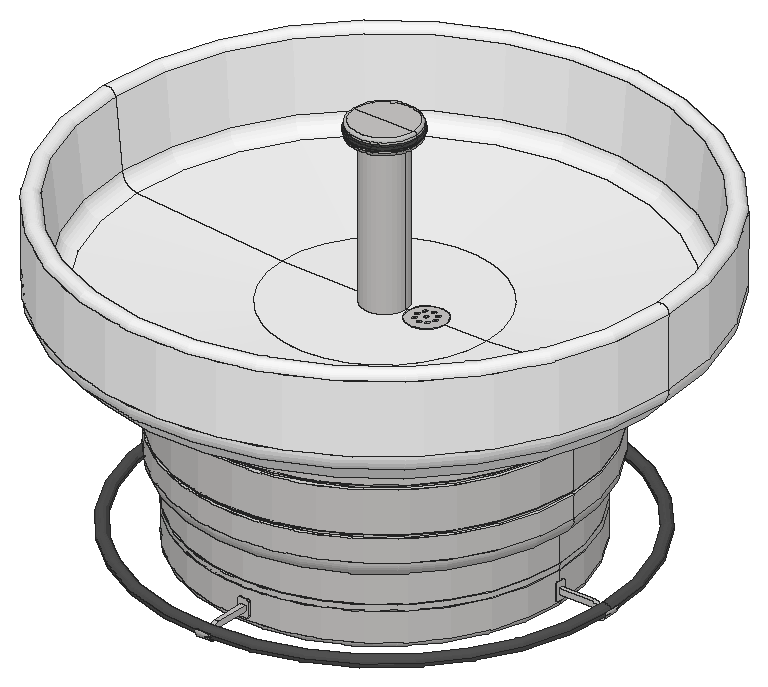
Revit family "Washfountain_Lavatory-Bradley_Corp-WF2608-Type_H_Drain", category Plumbing Fixtures, Revit 2012
Parameters (values of type "Standard")
  Width = 54.000"
  Warranty Information = ""
  WFU = 0
  Voltage = 110 V
  Version = "2.0"
  Vent Radius = Vent / 2  # 3/4"
  Vent = 1 1/2"
  URL = "http://www.bradleycorp.com/"
  Towel Dispenser Holder [instance] = if((Soap Dispenser), 8.375", 16.875")  # 16.875"
  Towel Dispenser Height [instance] = if(and(Soap Dispenser, Sensor Module, Model ID = 2), 56.000", if(and(No Soap Dispenser, Sensor Module, Model ID = 2), 56.000", if(and(Soap Dispenser, No Sensor Module, Model ID = 2), 52.500", if(and(No Soap Dispenser, No Sensor Module, Model ID = 2), 52.500", if(and(Soap Dispenser, Sensor Module, Model ID = 1), 52.000", if(and(No Soap Dispenser, Sensor Module, Model ID = 1), 52.000", if(and(Soap Dispenser, No Sensor Module, Model ID = 1), 48.500", 48.500")))))))  # 52.500"
  TouchTime® Control [instance] = no
  Technical Data = ""
  Vent Height [instance] = if(and(Sensor Module, Soap Dispenser, Towel Dispenser, Model ID = 2), 72.313", if(and(Sensor Module, Soap Dispenser, No Towel Dispenser, Model ID = 2), 47.625", if(and(Sensor Module, No Soap Dispenser, No Towel Dispenser, Model ID = 2), 39.125", if(and(Sensor Module, No Soap Dispenser, Towel Dispenser, Model ID = 2), 72.313", if(and(No Sensor Module, No Soap Dispenser, No Towel Dispenser, Model ID = 2), 35.625", if(and(No Sensor Module, No Soap Dispenser, Towel Dispenser, Model ID = 2), 68.813", if(and(No Sensor Module, Soap Dispenser, No Towel Dispenser, Model ID = 2), 44.125", if(and(No Sensor Module, Soap Dispenser, Towel Dispenser, Model ID = 2), 68.813", if(and(Sensor Module, Soap Dispenser, Towel Dispenser, Model ID = 1), 68.313", if(and(Sensor Module, Soap Dispenser, No Towel Dispenser, Model ID = 1), 43.625", if(and(Sensor Module, No Soap Dispenser, No Towel Dispenser, Model ID = 1), 35.125", if(and(Sensor Module, No Soap Dispenser, Towel Dispenser, Model ID = 1), 68.313", if(and(No Sensor Module, No Soap Dispenser, No Towel Dispenser, Model ID = 1), 31.625", if(and(No Sensor Module, No Soap Dispenser, Towel Dispenser, Model ID = 1), 64.813", if(and(No Sensor Module, Soap Dispenser, No Towel Dispenser, Model ID = 1), 40.125", 64.813")))))))))))))))  # 35.625"
  Standard Height = Model ID = 2  # yes
  Spray Head Height = 35.625"
  Specifications URL = "http://www.bradleycorp.com/3partspec"
  Soap Dispenser Holder [instance] = 2.500"  # constant formula
  Soap Dispenser Height [instance] = if(and(No Sensor Module, Model ID = 2), 44.125", if(and(Sensor Module, Model ID = 2), 47.625", if(and(No Sensor Module, Model ID = 1), 40.125", 43.625")))  # 44.125"
  Sensor Module Height = 39.125"
  Sensor Module [instance] = or(not(Foot Control Valve), TouchTime® Control, Air Valve Hand Control, Adaptive Infrared Activation Control)  # no
  Rim Height = 29.250"
  Product Tech Data URL - Spanish = ""
  Product Tech Data URL - French = ""
  Product Tech Data URL - English = "http://bradleycorp.com/download/1843/2019.pdf"
  Pedestal Material = Metal - Bradley Corp - Stainless Steel - Satin
  Pedestal Height = 19.000"
  Operating Water Pressure Range = "20 - 80 PSI"
  OmniClass Table 23 Title = "Sinks/Lavatories"
  OmniClass Table 23 Number = "23-31 13 00"
  OmniClass Table 21 Title = "Plumbing Fixtures"
  OmniClass Table 21 Number = "21-04 20 10 60"
  No Towel Dispenser [instance] = not(Towel Dispenser)  # yes
  No Soap Dispenser [instance] = not(Soap Dispenser)  # yes
  No Sensor Module [instance] = not(Sensor Module)  # yes
  Modeling Code = ""
  Model ID = 2
  Model = "WF2608"
  Material Note = "Other Terrazzo colors available - See www.bradleycorp.com "
  MasterFormat Title = "Commercial Lavatories and Sinks"
  MasterFormat Number = "22 42 16"
  Manufacturer = "Bradley Corp"
  Juvenile Height = Model ID = 1  # no
  Industry Standards = "ANSI Z124.3, Z124.6 and ANSI/ICPA SS-1-2001"
  Hot Lavatory Inlet Radius = Hot Lavatory Inlet / 2  # 1/2"
  Hot Lavatory Inlet = 1"
  HWFU = 0
  Frequency = 50 Hz
  Foot Control Valve [instance] = not(or(TouchTime® Control, Air Valve Hand Control, Adaptive Infrared Activation Control))  # yes
  Flow Rate = 5.0 GPM
  Fire Rating = "n/a"
  Drain Radius = Drain / 2  # 1"
  Drain = 2"
  Description = "Washfountain, 54\" Circular with 9\" Deep Bowl"
  Copyright = "This Model Data is Property of Bradley Corporation"
  Cold Lavatory Inlet Radius = Cold Lavatory Inlet / 2  # 1/2"
  Cold Lavatory Inlet = 1"
  CWFU = 0
  Buy American Act = "No"
  Button Visibility [instance] = or(TouchTime® Control, Air Valve Hand Control)  # no
  Bowl Material [instance] = Stone - Bradley Corp - White Marmorite
  Assembly Code = "D2010300"
  Air Valve Hand Control [instance] = no
  Adaptive Infrared Activation Control [instance] = no
  ADA Compliant = "Yes"
  Soap Dispenser [instance] = no
  Towel Dispenser [instance] = no
Reference planes (in)
  plane 1 "Center (Front/Back)": y = 0
  plane 2: z = 0
  plane 3 "Center (Left/Right)": x = 0
  plane 4 "Left": x = -27
  plane 5 "Right": x = 27
  plane 6 "Front": y = -27
  plane 7 "Back": y = 27
  plane 8 "Towel Dispenser": z = 52.5
  plane 9 "Soap Dispenser": z = 44.125
  plane 10 "Sensor Module": z = 39.125
  plane 11 "Spray Head": z = 35.625
  plane 12 "Rim Height": z = 29.25
  plane 13 "Pedestal Height": z = 19
  plane 14: z = 38.125
Forms (in)
  Revolve 1, solid, material "Stone - Bradley Corp - White Marmorite" <- "Bowl Material", detail levels medium+fine
    sketch origin (-3, 0, 29.25) x (1, 0, 0) y (0, 0, 1)
      loop
        line (-24, -0.75) -> (-24, -7.10922)
        arc (-24, -7.10922) -> (-23.84776, -7.87459) -> (-23.41421, -8.52343) r 2
        line (-23.41421, -8.52343) -> (-21.68765, -10.25) -> (1, -10.25) -> (1, -9) -> (-6.75, -9)
        arc (-6.75, -9) -> (-13.62836, -8.77247) -> (-20.47664, -8.09088) r 104.08291
        arc (-20.47664, -8.09088) -> (-21.43666, -7.65917) -> (-21.89048, -6.70941) r 1.52978
        line (-21.89048, -6.70941) -> (-22.51639, -0.59407)
        arc (-22.51639, -0.59407) -> (-23.32839, -0.00411) -> (-24, -0.75) r 0.75
      axis (3, -0.59407) -> (3, -10.25)
    angle from 0 to 360
  Revolve 2, solid, material "Stone - Bradley Corp - White Marmorite" <- "Bowl Material", detail levels coarse
    sketch origin (-3, 0, 29.25) x (1, 0, 0) y (0, 0, 1)
      loop
        line (-24, 0) -> (-24, -10.25) -> (3, -10.25) -> (3, -9) -> (-4.5, -9) -> (-21.74309, -7.95152) -> (-22.57883, 0) -> (-24, 0)
      axis (3, 0) -> (3, -10.25)
    angle from 0 to 360
  Revolve 3, solid, material "Metal - Bradley Corp - Stainless Steel - Satin" <- "Pedestal Material", visible <- "Standard Height", detail levels medium+fine
    sketch origin (-3, 0, 19) x (1, 0, 0) y (0, 0, 1)
      loop
        line (-14.96214, 0.00002) -> (-14.96214, -4.37498) -> (-14.83714, -4.49998) -> (-14.83714, -4.62498) -> (-14.96214, -4.74998) -> (-14.96214, -8.56248) -> (-14.83714, -8.68748) -> (-14.83714, -8.81248) -> (-14.96214, -8.93748) -> (-14.96214, -10.99998)
        arc (-14.96214, -10.99998) -> (-14.57597, -12.00466) -> (-13.6163, -12.49204) r 1.5
        line (-13.6163, -12.49204) -> (-13.6163, -15.1945) -> (-13.6643, -15.25815) -> (-13.6643, -15.75585) -> (-13.6163, -15.8195) -> (-13.6163, -18.5)
        arc (-13.6163, -18.5) -> (-13.46985, -18.85355) -> (-13.1163, -19) r 0.5
        line (-13.1163, -19) -> (3, -19) -> (3, 0.00002) -> (-14.96214, 0.00002)
      axis (3, 0.00002) -> (3, -19)
    angle from 0 to 360
  Revolve 4, solid, material "Metal - Bradley Corp - Stainless Steel - Satin" <- "Pedestal Material", visible <- "Standard Height", detail levels coarse
    sketch origin (-3, 0, 19) x (1, 0, 0) y (0, 0, 1)
      loop
        line (-14.96214, 0) -> (-14.96214, -12.49204) -> (-13.6163, -12.49204) -> (-13.6163, -19) -> (3, -19) -> (3, 0) -> (-14.96214, 0)
      axis (3, 0) -> (3, -19)
    angle from 0 to 360
  Revolve 5, solid, material "Metal - Bradley Corp - Stainless Steel - Satin" <- "Pedestal Material", visible <- "Juvenile Height", detail levels medium+fine
    sketch origin (-3, 0, 19) x (1, 0, 0) y (0, 0, 1)
      loop
        line (-14.96214, 0) -> (-14.96214, -3.42941) -> (-14.86416, -3.52739) -> (-14.86416, -3.62537) -> (-14.96214, -3.72336) -> (-14.96214, -6.71184) -> (-14.86416, -6.80982) -> (-14.86416, -6.90781) -> (-14.96214, -7.00579) -> (-14.96214, -8.44011)
        arc (-14.96214, -8.44011) -> (-14.56796, -9.39176) -> (-13.6163, -9.78595) r 1.34584
        line (-13.6163, -9.78595) -> (-13.6163, -11.1945) -> (-13.6643, -11.25815) -> (-13.6643, -11.75585) -> (-13.6163, -11.8195) -> (-13.6163, -14.60807)
        arc (-13.6163, -14.60807) -> (-13.50151, -14.88521) -> (-13.22437, -15) r 0.39193
        line (-13.22437, -15) -> (3, -15) -> (3, 0) -> (-14.96214, 0)
      axis (3, 0) -> (3, -15)
    angle from 0 to 360
  Revolve 6, solid, material "Metal - Bradley Corp - Stainless Steel - Satin" <- "Pedestal Material", visible <- "Juvenile Height", detail levels coarse
    sketch origin (-3, 0, 19) x (1, 0, 0) y (0, 0, 1)
      loop
        line (-14.96214, 0.00002) -> (-14.96214, -9.78595) -> (-13.6163, -9.78595) -> (-13.6163, -15) -> (3, -15) -> (3, 0.00002) -> (-14.96214, 0.00002)
      axis (3, 0.00002) -> (3, -15)
    angle from 0 to 360
  Revolve 7, solid, material "Metal - Bradley Corp - Stainless Steel - Polished", detail levels fine
    sketch origin (-3, 0, 35.625) x (1, 0, 0) y (0, 0, 1)
      loop
        arc (0.215, 0.00002) -> (0.03822, -0.0732) -> (-0.035, -0.24998) r 0.25
        line (-0.035, -0.24998) -> (-0.035, -0.44498)
        arc (-0.035, -0.44498) -> (-0.10129, -0.47244) -> (-0.12875, -0.53873) r 0.09375
        line (-0.12875, -0.53873) -> (-0.12875, -0.85123)
        arc (-0.12875, -0.85123) -> (-0.10129, -0.91752) -> (-0.035, -0.94498) r 0.09375
        line (-0.035, -0.94498) -> (-0.035, -1.13998)
        arc (-0.035, -1.13998) -> (0.03822, -1.31676) -> (0.215, -1.38998) r 0.25
        line (0.215, -1.38998) -> (1, -1.38998) -> (1, -16.625) -> (3, -16.625) -> (3, 0.00002) -> (0.215, 0.00002)
      axis (3, 0.00002) -> (3, -16.625)
    angle from 0 to 360
  Revolve 8, solid, material "Metal - Bradley Corp - Stainless Steel - Polished", detail levels coarse+medium
    sketch origin (-3, 0, 35.625) x (1, 0, 0) y (0, 0, 1)
      loop
        line (3, 0) -> (0.21498, 0) -> (-0.12875, -0.44498) -> (-0.12875, -0.94498) -> (0.215, -1.38998) -> (1, -1.38998) -> (1, -16.625) -> (3, -16.625) -> (3, 0)
      axis (3, 0) -> (3, -16.625)
    angle from 0 to 360
  Revolve 9, solid, material "Metal - Bradley Corp - Stainless Steel - Polished", visible <- "Soap Dispenser", detail levels fine
    sketch origin (-3, 0, 44.125) x (1, 0, 0) y (0, 0, 1)
      loop
        arc (-1.17907, 0) -> (-2.18101, -0.11803) -> (-3.1566, -0.375) r 7.19764
        line (-3.1566, -0.375) -> (-3.1566, -1) -> (-3.01376, -1) -> (-3.01376, -1.64327) -> (-2.98301, -1.64327) -> (-2.98301, -2.89327) -> (-2.93039, -2.89327) -> (-2.93039, -4.14327) -> (-2.87777, -4.14327) -> (-2.87777, -5.39327) -> (-2.81, -5.39327) -> (-2.81, -6) -> (3, -6) -> (3, 0) -> (-1.17907, 0)
      axis (3, 0) -> (3, -6)
    angle from 0 to 360
  Revolve 10, solid, material "Metal - Bradley Corp - Stainless Steel - Polished", visible <- "Soap Dispenser", detail levels coarse+medium
    sketch origin (-3, 0, 44.125) x (1, 0, 0) y (0, 0, 1)
      loop
        line (3, -1) -> (-3.1566, -1) -> (-2.81, -6) -> (3, -6) -> (3, -1)
      axis (3, -1) -> (3, -6)
    angle from 0 to 360
  Revolve 11, solid, material "Metal - Bradley Corp - Stainless Steel - Polished", visible <- "Sensor Module", detail levels fine
    sketch origin (-3, 0, 39.125) x (1, 0, 0) y (0, 0, 1)
      loop
        line (-1.49987, -0.56541) -> (-1.49987, -1.98683)
        arc (-1.49987, -1.98683) -> (-1.48063, -2.08301) -> (-1.42587, -2.16439) r 0.25
        line (-1.42587, -2.16439) -> (-0.82309, -2.76716)
        arc (-0.82309, -2.76716) -> (-0.74199, -2.82135) -> (-0.64632, -2.84038) r 0.25
        line (-0.64632, -2.84038) -> (1, -2.84038) -> (1, -3.5) -> (3, -3.5) -> (3, 0) -> (0.89718, 0)
        arc (0.89718, 0) -> (-0.28099, -0.0858) -> (-1.45612, -0.2063) r 40.06
        arc (-1.45612, -0.2063) -> (-1.54124, -0.251) -> (-1.57537, -0.34072) r 0.135
        line (-1.57537, -0.34072) -> (-1.57537, -0.56541) -> (-1.49987, -0.56541)
      axis (3, 0) -> (3, -3.5)
    angle from 0 to 360
  Revolve 12, solid, material "Metal - Bradley Corp - Stainless Steel - Polished", visible <- "Sensor Module", detail levels coarse+medium
    sketch origin (-3, 0, 39.125) x (1, 0, 0) y (0, 0, 1)
      loop
        line (-1.57537, -2.01488) -> (-0.75025, -2.84) -> (1, -2.84) -> (1, -3.5) -> (3, -3.5) -> (3, 0) -> (-1.57537, 0) -> (-1.57537, -2.01488)
      axis (3, 0) -> (3, -3.5)
    angle from 0 to 360
  Extrusion 13, solid, material "Metal - Bradley Corp - Stainless Steel - Polished", visible <- "Towel Dispenser"
    sketch origin (-5.60167, 3.20696, 52.5) x (0, 0, 1) y (0, 1, 0)
      loop
        line (0, 0) -> (15.313, 0) -> (14.62567, 4) -> (1.37502, 4) -> (0, 1.75) -> (0, 0)
    from -0.10167 to -11.10192
  Extrusion 14, solid, material "Metal - Bradley Corp - Stainless Steel - Polished", visible <- "Towel Dispenser"
    sketch origin (-0.0117, -6.47515, 55.75) x (0, 0, 1) y (-0.866025, -0.5, 0)
      loop
        line (-3.25, 0) -> (12.063, 0) -> (11.37567, 4) -> (-1.87498, 4) -> (-3.25, 1.75) -> (-3.25, 0)
    from -0.10167 to -11.10192
  Extrusion 15, solid, material "Metal - Bradley Corp - Stainless Steel - Polished", visible <- "Towel Dispenser"
    sketch origin (5.61356, 3.22741, 55.75) x (0, 0, 1) y (0.866038, -0.499977, 0)
      loop
        line (-3.25, 0) -> (12.063, 0) -> (11.37567, 4) -> (-1.87498, 4) -> (-3.25, 1.75) -> (-3.25, 0)
    from -0.10167 to -11.10192
  Extrusion 16, solid, material "Metal - Bradley Corp - Stainless Steel - Polished", visible <- "Towel Dispenser"
    sketch origin (0, 0, 52.5) x (-1, 0, 0) y (0, -1, 0)
      loop
        circle (0, 0) r 2
    from -16.875 to 16.313
  Extrusion 17, solid, material "Metal - Bradley Corp - Stainless Steel - Polished", visible <- "Soap Dispenser"
    sketch origin (0, 0, 44.125) x (-1, 0, 0) y (0, -1, 0)
      loop
        circle (0, 0) r 2
    from -6 to -8.5
  Extrusion 18, solid, material "Metal - Bradley Corp - Stainless Steel - Polished", visible <- "Towel Dispenser"
    sketch origin (0, 0, 52.5) x (-1, 0, 0) y (0, -1, 0)
      loop
        line (5.5, -3.20696) -> (5.56259, -3.13929) -> (0.06259, 6.38699) -> (-0.06295, 6.38699) -> (-5.56269, -3.13929) -> (-5.50026, -3.20696) -> (5.5, -3.20696)
      loop
        circle (0, 0) r 2
    from 14.62567 to 14.12567
  Extrusion 19, solid, material "Metal - Bradley Corp - Stainless Steel - Polished", visible <- "Towel Dispenser"
    sketch origin (0, 0, 52.5) x (-1, 0, 0) y (0, -1, 0)
      loop
        line (5.56259, -3.13929) -> (0.06259, 6.38699) -> (-0.06295, 6.38699) -> (-5.56269, -3.13929) -> (-5.50026, -3.20696) -> (5.5, -3.20696) -> (5.56259, -3.13929)
      loop
        circle (0, 0) r 2
    from 1.0786 to 1.5786
  Sweep 20, solid, material "Plastic - Bradley Corp - Black", visible <- "Foot Control Valve"
    path in 3D
      loop
        arc (-21, 0, 0) -> (0, -21, 0) -> (21, 0, 0) r 21
        arc (21, 0, 0) -> (0, 21, 0) -> (-21, 0, 0) r 21
    profile origin (0, 21, 0) x (0, -1, 0) y (0, 0, 1)
      loop
        circle (0, 1.425) r 0.5
  Extrusion 21, solid, material "Metal - Bradley Corp - Stainless Steel - Satin", visible <- "Foot Control Valve"
    sketch origin (0, 0, 0) x (1, 0, 0) y (0, 0, 1)
      loop
        arc (-21.48307, 1.55388) -> (-21.51847, 1.61509) -> (-21.57968, 1.57969) r 0.05
        arc (-21.57968, 1.57969) -> (-21.01372, 0.82503) -> (-20.41385, 1.55302) r 0.6
        arc (-20.41385, 1.55302) -> (-20.47337, 1.59119) -> (-20.51154, 1.53166) r 0.05
        arc (-20.51154, 1.53166) -> (-21.01143, 0.925) -> (-21.48307, 1.55388) r 0.5
      loop
        arc (21.48307, 1.55388) -> (21.01143, 0.925) -> (20.51154, 1.53166) r 0.5
        arc (20.51154, 1.53166) -> (20.47337, 1.59119) -> (20.41385, 1.55302) r 0.05
        arc (20.41385, 1.55302) -> (21.01372, 0.82503) -> (21.57968, 1.57969) r 0.6
        arc (21.57968, 1.57969) -> (21.51847, 1.61509) -> (21.48307, 1.55388) r 0.05
    from -0.67 to 0.67
  Extrusion 22, solid, material "Metal - Bradley Corp - Stainless Steel - Satin", visible <- "Foot Control Valve"
    sketch origin (0, 0, 0) x (0, 1, 0) y (0, 0, 1)
      loop
        arc (21.48307, 1.55401) -> (21.01143, 0.92513) -> (20.51154, 1.53179) r 0.5
        arc (20.51154, 1.53179) -> (20.47337, 1.59132) -> (20.41385, 1.55315) r 0.05
        arc (20.41385, 1.55315) -> (21.01372, 0.82516) -> (21.57968, 1.57982) r 0.6
        arc (21.57968, 1.57982) -> (21.51847, 1.61522) -> (21.48307, 1.55401) r 0.05
      loop
        arc (-21.48307, 1.55401) -> (-21.51847, 1.61522) -> (-21.57968, 1.57982) r 0.05
        arc (-21.57968, 1.57982) -> (-21.01372, 0.82516) -> (-20.41385, 1.55315) r 0.6
        arc (-20.41385, 1.55315) -> (-20.47337, 1.59132) -> (-20.51154, 1.53179) r 0.05
        arc (-20.51154, 1.53179) -> (-21.01143, 0.92513) -> (-21.48307, 1.55401) r 0.5
    from -0.67 to 0.67
  Extrusion 23, solid, material "Metal - Bradley Corp - Stainless Steel - Satin", visible <- "Foot Control Valve"
    sketch origin (0, 0, 0) x (1, 0, 0) y (0, 0, 1)
      loop
        line (-16.6163, 1.26725) -> (-16.6163, 1.76725) -> (-19.80661, 1.76725)
        arc (-19.80661, 1.76725) -> (-20.14911, 1.67556) -> (-20.4, 1.42503) r 0.68556
        arc (-20.4, 1.42503) -> (-20.57574, 1.00076) -> (-21, 0.82503) r 0.6
        arc (-21, 0.82503) -> (-20.42367, 0.87326) -> (-19.94786, 1.20202) r 1.12245
        arc (-19.94786, 1.20202) -> (-19.8844, 1.25015) -> (-19.80661, 1.26725) r 0.18556
        line (-19.80661, 1.26725) -> (-16.6163, 1.26725)
      loop
        line (16.6163, 1.26725) -> (19.80661, 1.26725)
        arc (19.80661, 1.26725) -> (19.8844, 1.25015) -> (19.94786, 1.20202) r 0.18556
        arc (19.94786, 1.20202) -> (20.42367, 0.87326) -> (21, 0.82503) r 1.12245
        arc (21, 0.82503) -> (20.57574, 1.00076) -> (20.4, 1.42503) r 0.6
        arc (20.4, 1.42503) -> (20.14911, 1.67556) -> (19.80661, 1.76725) r 0.68556
        line (19.80661, 1.76725) -> (16.6163, 1.76725) -> (16.6163, 1.26725)
    from -0.2 to 0.2
  Extrusion 24, solid, material "Metal - Bradley Corp - Stainless Steel - Satin", visible <- "Foot Control Valve"
    sketch origin (0, 0, 0) x (0, 1, 0) y (0, 0, 1)
      loop
        line (16.61723, 1.27219) -> (19.80754, 1.27219)
        arc (19.80754, 1.27219) -> (19.88533, 1.25509) -> (19.94879, 1.20696) r 0.18556
        arc (19.94879, 1.20696) -> (20.4246, 0.8782) -> (21.00093, 0.82997) r 1.12245
        arc (21.00093, 0.82997) -> (20.57666, 1.0057) -> (20.40093, 1.42997) r 0.6
        arc (20.40093, 1.42997) -> (20.15004, 1.6805) -> (19.80754, 1.77219) r 0.68556
        line (19.80754, 1.77219) -> (16.61723, 1.77219) -> (16.61723, 1.27219)
      loop
        line (-16.61723, 1.27219) -> (-16.61723, 1.77219) -> (-19.80754, 1.77219)
        arc (-19.80754, 1.77219) -> (-20.15004, 1.6805) -> (-20.40093, 1.42997) r 0.68556
        arc (-20.40093, 1.42997) -> (-20.57666, 1.0057) -> (-21.00093, 0.82997) r 0.6
        arc (-21.00093, 0.82997) -> (-20.4246, 0.8782) -> (-19.94879, 1.20696) r 1.12245
        arc (-19.94879, 1.20696) -> (-19.88533, 1.25509) -> (-19.80754, 1.27219) r 0.18556
        line (-19.80754, 1.27219) -> (-16.61723, 1.27219)
    from -0.19588 to 0.2
  Extrusion 25, solid, material "Metal - Bradley Corp - Stainless Steel - Satin", visible <- "Foot Control Valve"
    sketch origin (0, 0, 0) x (0, 1, 0) y (0, 0, 1)
      loop
        line (0.25501, 2.33461) -> (-0.24499, 2.33461)
        arc (-0.24499, 2.33461) -> (-0.42177, 2.26139) -> (-0.49499, 2.08461) r 0.25
        line (-0.49499, 2.08461) -> (-0.49499, 0.95961)
        arc (-0.49499, 0.95961) -> (-0.42177, 0.78284) -> (-0.24499, 0.70961) r 0.25
        line (-0.24499, 0.70961) -> (0.25501, 0.70961)
        arc (0.25501, 0.70961) -> (0.43178, 0.78284) -> (0.50501, 0.95961) r 0.25
        line (0.50501, 0.95961) -> (0.50501, 2.08461)
        arc (0.50501, 2.08461) -> (0.43178, 2.26139) -> (0.25501, 2.33461) r 0.25
      loop
        line (0.24214, 1.22802) -> (0.24214, 1.81621) -> (-0.23845, 1.81621) -> (-0.23845, 1.22802) -> (0.24214, 1.22802)
    from -16.72356 to -16.6163
  Extrusion 26, solid, material "Metal - Bradley Corp - Stainless Steel - Satin", visible <- "Foot Control Valve"
    sketch origin (0, 0, 0) x (0, 1, 0) y (0, 0, 1)
      loop
        arc (-0.25501, 2.33461) -> (-0.43178, 2.26139) -> (-0.50501, 2.08461) r 0.25
        line (-0.50501, 2.08461) -> (-0.50501, 0.95961)
        arc (-0.50501, 0.95961) -> (-0.43178, 0.78284) -> (-0.25501, 0.70961) r 0.25
        line (-0.25501, 0.70961) -> (0.24499, 0.70961)
        arc (0.24499, 0.70961) -> (0.42177, 0.78284) -> (0.49499, 0.95961) r 0.25
        line (0.49499, 0.95961) -> (0.49499, 2.08461)
        arc (0.49499, 2.08461) -> (0.42177, 2.26139) -> (0.24499, 2.33461) r 0.25
        line (0.24499, 2.33461) -> (-0.25501, 2.33461)
      loop
        line (-0.24214, 1.22802) -> (0.23845, 1.22802) -> (0.23845, 1.81621) -> (-0.24214, 1.81621) -> (-0.24214, 1.22802)
    from 16.6163 to 16.73125
  Extrusion 27, solid, material "Metal - Bradley Corp - Stainless Steel - Satin", visible <- "Foot Control Valve"
    sketch origin (0, 0, 0) x (1, 0, 0) y (0, 0, 1)
      loop
        arc (-0.25501, 2.33461) -> (-0.43178, 2.26139) -> (-0.50501, 2.08461) r 0.25
        line (-0.50501, 2.08461) -> (-0.50501, 0.95961)
        arc (-0.50501, 0.95961) -> (-0.43178, 0.78284) -> (-0.25501, 0.70961) r 0.25
        line (-0.25501, 0.70961) -> (0.24499, 0.70961)
        arc (0.24499, 0.70961) -> (0.42177, 0.78284) -> (0.49499, 0.95961) r 0.25
        line (0.49499, 0.95961) -> (0.49499, 2.08461)
        arc (0.49499, 2.08461) -> (0.42177, 2.26139) -> (0.24499, 2.33461) r 0.25
        line (0.24499, 2.33461) -> (-0.25501, 2.33461)
      loop
        line (-0.24214, 1.22802) -> (0.23845, 1.22802) -> (0.23845, 1.81621) -> (-0.24214, 1.81621) -> (-0.24214, 1.22802)
    from -16.72356 to -16.6163
  Extrusion 28, solid, material "Metal - Bradley Corp - Stainless Steel - Satin", visible <- "Foot Control Valve"
    sketch origin (0, 0, 0) x (1, 0, 0) y (0, 0, 1)
      loop
        line (0.25501, 2.33461) -> (-0.24499, 2.33461)
        arc (-0.24499, 2.33461) -> (-0.42177, 2.26139) -> (-0.49499, 2.08461) r 0.25
        line (-0.49499, 2.08461) -> (-0.49499, 0.95961)
        arc (-0.49499, 0.95961) -> (-0.42177, 0.78284) -> (-0.24499, 0.70961) r 0.25
        line (-0.24499, 0.70961) -> (0.25501, 0.70961)
        arc (0.25501, 0.70961) -> (0.43178, 0.78284) -> (0.50501, 0.95961) r 0.25
        line (0.50501, 0.95961) -> (0.50501, 2.08461)
        arc (0.50501, 2.08461) -> (0.43178, 2.26139) -> (0.25501, 2.33461) r 0.25
      loop
        line (0.24214, 1.22802) -> (0.24214, 1.81621) -> (-0.23845, 1.81621) -> (-0.23845, 1.22802) -> (0.24214, 1.22802)
    from 16.61723 to 16.73515
  Extrusion 29, void
    sketch origin (0, 0, 19) x (-1, 0, 0) y (0, -1, 0)
      loop
        circle (-4, 0) r 1.75
    from 0 to 10.25
  Extrusion 30, solid, material "Metal - Bradley Corp - Stainless Steel - Polished", detail levels medium+fine
    sketch origin (0, 0, 19) x (-1, 0, 0) y (0, -1, 0)
      loop
        circle (-4, 0) r 1.75
      loop
        circle (-4, 0) r 0.1842
      loop
        circle (-4, -0.87771) r 0.1842
      loop
        circle (-3.12229, 0) r 0.1842
      loop
        circle (-4, 0.87771) r 0.1842
      loop
        circle (-4.87771, 0) r 0.1842
      loop
        circle (-4.62063, -0.62063) r 0.1842
      loop
        circle (-3.37937, -0.62063) r 0.1842
      loop
        circle (-3.37937, 0.62063) r 0.1842
      loop
        circle (-4.62063, 0.62063) r 0.1842
    from 1.25 to 1.20024
  Extrusion 31, solid, material "Default", not visible, detail levels medium+fine
    sketch origin (0, 0, 0) x (1, 0, 0) y (0, 1, 0)
      loop
        circle (-4, 0) r 1
      loop
        line (1, 5.5) -> (-1, 5.5) -> (-1, 4.5) -> (1, 4.5) -> (1, 5.5)
    from 0 to 3
  Extrusion 32, solid, material "Default", not visible, detail levels medium+fine
    sketch origin (0, 0, 0) x (1, 0, 0) y (0, 1, 0)
      loop
        circle (0, 0) r 0.75
    from 0 to 35.625
  Extrusion 33, solid, material "Default", not visible, detail levels medium+fine
    sketch origin (0, 0, 0) x (1, 0, 0) y (0, 1, 0)
      loop
        circle (-7.625, 2.5) r 0.5
      loop
        circle (7.625, 2.5) r 0.5
    from 0 to 2.5
  Revolve 34, solid, material "Plastic - Bradley Corp - Black", visible <- "Soap Dispenser", detail levels coarse+medium
    sketch origin (-3, 0, 44.125) x (1, 0, 0) y (0, 0, 1)
      loop
        line (-3.1566, -1) -> (3, -1) -> (3, 0) -> (-3.22592, 0) -> (-3.1566, -1)
      axis (3, 0) -> (3, -1)
    angle from 0 to 360
  Extrusion 35, solid, material "Metal - Bradley Corp - Stainless Steel - Polished", visible <- "Button Visibility"
    sketch origin (-3, 0, 39.125) x (1, 0, 0) y (0, 0, 1)
      loop
        circle (3, -1.3649) r 0.5
    from 4.57537 to 4.97537
  Extrusion 36, solid, material "Metal - Bradley Corp - Stainless Steel - Polished", visible <- "Button Visibility"
    sketch origin (-3, 0, 39.125) x (1, 0, 0) y (0, 0, 1)
      loop
        circle (3, -1.3649) r 0.5
    from -4.57537 to -4.97537
  Extrusion 37, solid, material "Metal - Bradley Corp - Stainless Steel - Polished", visible <- "Button Visibility", detail levels fine
    sketch origin (-3, 0, 39.125) x (1, 0, 0) y (0, 0, 1)
      loop
        circle (3, -1.3649) r 0.25
    from 4.49987 to 4.57537
  Extrusion 38, solid, material "Metal - Bradley Corp - Stainless Steel - Polished", visible <- "Button Visibility", detail levels fine
    sketch origin (-3, 0, 39.125) x (1, 0, 0) y (0, 0, 1)
      loop
        circle (3, -1.3649) r 0.25
    from -4.57537 to -4.49987
Cuts and joins
  Extrusion 29 cuts Revolve 2
  Extrusion 29 cuts Revolve 1
Lines and regions (in)
  Masking region 1, detail levels coarse
    outline origin (-3, 0, 29.25) x (1, 0, 0) y (0, 0, 1)
      loop
        line (-24, 0) -> (-24, -10.25) -> (30, -10.25) -> (30, 0) -> (-24, 0)
  Masking region 2, detail levels medium+fine
    outline origin (-3, 0, 29.25) x (1, 0, 0) y (0, 0, 1)
      loop
        arc (-23.25, 0) -> (-23.78033, -0.21967) -> (-24, -0.75) r 0.75
        line (-24, -0.75) -> (-24, -7.10922)
        arc (-24, -7.10922) -> (-23.84776, -7.87459) -> (-23.41421, -8.52343) r 2
        line (-23.41421, -8.52343) -> (-21.68765, -10.25) -> (27.68765, -10.25) -> (29.41421, -8.52343)
        arc (29.41421, -8.52343) -> (29.84776, -7.87459) -> (30, -7.10922) r 2
        line (30, -7.10922) -> (30, -0.75)
        arc (30, -0.75) -> (29.78033, -0.21967) -> (29.25, 0) r 0.75
        line (29.25, 0) -> (-23.25, 0)
  Masking region 3, visible <- "Standard Height", detail levels coarse
    outline origin (-3, 0, 19) x (1, 0, 0) y (0, 0, 1)
      loop
        line (-14.96214, 0) -> (-14.96214, -12.49204) -> (-13.6163, -12.49204) -> (-13.6163, -19) -> (19.6163, -19) -> (19.6163, -12.49204) -> (20.96214, -12.49204) -> (20.96214, 0) -> (-14.96214, 0)
  Masking region 4, visible <- "Standard Height", detail levels medium+fine
    outline origin (-3, 0, 19) x (1, 0, 0) y (0, 0, 1)
      loop
        line (-14.96214, 0.00002) -> (-14.96214, -4.37498) -> (-14.83714, -4.49998) -> (-14.83714, -4.62498) -> (-14.96214, -4.74998) -> (-14.96214, -8.56248) -> (-14.83714, -8.68748) -> (-14.83714, -8.81248) -> (-14.96214, -8.93748) -> (-14.96214, -10.99998)
        arc (-14.96214, -10.99998) -> (-14.57597, -12.00466) -> (-13.6163, -12.49204) r 1.5
        line (-13.6163, -12.49204) -> (-13.6163, -15.1945) -> (-13.6643, -15.25815) -> (-13.6643, -15.75585) -> (-13.6163, -15.8195) -> (-13.6163, -18.5)
        arc (-13.6163, -18.5) -> (-13.46985, -18.85355) -> (-13.1163, -19) r 0.5
        line (-13.1163, -19) -> (19.1163, -19)
        arc (19.1163, -19) -> (19.46985, -18.85355) -> (19.6163, -18.5) r 0.5
        line (19.6163, -18.5) -> (19.6163, -15.8195) -> (19.6643, -15.75585) -> (19.6643, -15.25815) -> (19.6163, -15.1945) -> (19.6163, -12.49204)
        arc (19.6163, -12.49204) -> (20.57597, -12.00466) -> (20.96214, -10.99998) r 1.5
        line (20.96214, -10.99998) -> (20.96214, -8.93748) -> (20.83714, -8.81248) -> (20.83714, -8.68748) -> (20.96214, -8.56248) -> (20.96214, -4.74998) -> (20.83714, -4.62498) -> (20.83714, -4.49998) -> (20.96214, -4.37498) -> (20.96214, 0.00002) -> (-14.96214, 0.00002)
  Masking region 5, visible <- "Juvenile Height", detail levels coarse
    outline origin (-3, 0, 19) x (1, 0, 0) y (0, 0, 1)
      loop
        line (-14.96214, 0) -> (-14.96214, -9.78595) -> (-13.6163, -9.78595) -> (-13.6163, -15) -> (19.6163, -15) -> (19.6163, -9.78595) -> (20.96214, -9.78595) -> (20.96214, 0) -> (-14.96214, 0)
  Masking region 6, visible <- "Juvenile Height", detail levels medium+fine
    outline origin (-3, 0, 19) x (1, 0, 0) y (0, 0, 1)
      loop
        line (-14.96214, 0) -> (-14.96214, -3.42941) -> (-14.86416, -3.52739) -> (-14.86416, -3.62537) -> (-14.96214, -3.72336) -> (-14.96214, -6.71184) -> (-14.86416, -6.80982) -> (-14.86416, -6.90781) -> (-14.96214, -7.00579) -> (-14.96214, -8.44011)
        arc (-14.96214, -8.44011) -> (-14.56796, -9.39176) -> (-13.6163, -9.78595) r 1.34584
        line (-13.6163, -9.78595) -> (-13.6163, -11.1945) -> (-13.6643, -11.25815) -> (-13.6643, -11.75585) -> (-13.6163, -11.8195) -> (-13.6163, -14.60807)
        arc (-13.6163, -14.60807) -> (-13.50151, -14.88521) -> (-13.22437, -15) r 0.39193
        line (-13.22437, -15) -> (19.22437, -15)
        arc (19.22437, -15) -> (19.50151, -14.88521) -> (19.6163, -14.60807) r 0.39193
        line (19.6163, -14.60807) -> (19.6163, -11.8195) -> (19.6643, -11.75585) -> (19.6643, -11.25815) -> (19.6163, -11.1945) -> (19.6163, -9.78595)
        arc (19.6163, -9.78595) -> (20.56796, -9.39176) -> (20.96214, -8.44011) r 1.34584
        line (20.96214, -8.44011) -> (20.96214, -7.00579) -> (20.86416, -6.90781) -> (20.86416, -6.80982) -> (20.96214, -6.71184) -> (20.96214, -3.72336) -> (20.86416, -3.62537) -> (20.86416, -3.52739) -> (20.96214, -3.42941) -> (20.96214, 0) -> (-14.96214, 0)
  Masking region 7, detail levels coarse
    outline origin (0, 3, 29.25) x (0, -1, 0) y (0, 0, 1)
      loop
        line (-24, 0) -> (-24, -10.25) -> (30, -10.25) -> (30, 0) -> (-24, 0)
  Masking region 8, detail levels medium+fine
    outline origin (0, 3, 29.25) x (0, -1, 0) y (0, 0, 1)
      loop
        arc (-23.25, 0) -> (-23.78033, -0.21967) -> (-24, -0.75) r 0.75
        line (-24, -0.75) -> (-24, -7.10922)
        arc (-24, -7.10922) -> (-23.84776, -7.87459) -> (-23.41421, -8.52343) r 2
        line (-23.41421, -8.52343) -> (-21.68765, -10.25) -> (27.68765, -10.25) -> (29.41421, -8.52343)
        arc (29.41421, -8.52343) -> (29.84776, -7.87459) -> (30, -7.10922) r 2
        line (30, -7.10922) -> (30, -0.75)
        arc (30, -0.75) -> (29.78033, -0.21967) -> (29.25, 0) r 0.75
        line (29.25, 0) -> (-23.25, 0)
  Masking region 9, visible <- "Standard Height", detail levels coarse
    outline origin (0, 3, 19) x (0, -1, 0) y (0, 0, 1)
      loop
        line (-14.96229, 0) -> (-14.96229, -12.49204) -> (-13.61645, -12.49204) -> (-13.61645, -19) -> (19.61615, -19) -> (19.61615, -12.49204) -> (20.96199, -12.49204) -> (20.96199, 0) -> (-14.96229, 0)
  Masking region 10, visible <- "Standard Height", detail levels medium+fine
    outline origin (0, 3, 19) x (0, -1, 0) y (0, 0, 1)
      loop
        line (-14.96307, 0.00002) -> (-14.96307, -4.37498) -> (-14.83807, -4.49998) -> (-14.83807, -4.62498) -> (-14.96307, -4.74998) -> (-14.96307, -8.56248) -> (-14.83807, -8.68748) -> (-14.83807, -8.81248) -> (-14.96307, -8.93748) -> (-14.96307, -10.99998)
        arc (-14.96307, -10.99998) -> (-14.5769, -12.00466) -> (-13.61723, -12.49204) r 1.5
        line (-13.61723, -12.49204) -> (-13.61723, -15.1945) -> (-13.66523, -15.25815) -> (-13.66523, -15.75585) -> (-13.61723, -15.8195) -> (-13.61723, -18.5)
        arc (-13.61723, -18.5) -> (-13.47078, -18.85355) -> (-13.11723, -19) r 0.5
        line (-13.11723, -19) -> (19.11537, -19)
        arc (19.11537, -19) -> (19.46893, -18.85355) -> (19.61537, -18.5) r 0.5
        line (19.61537, -18.5) -> (19.61537, -15.8195) -> (19.66337, -15.75585) -> (19.66337, -15.25815) -> (19.61537, -15.1945) -> (19.61537, -12.49204)
        arc (19.61537, -12.49204) -> (20.57505, -12.00466) -> (20.96122, -10.99998) r 1.5
        line (20.96122, -10.99998) -> (20.96122, -8.93748) -> (20.83622, -8.81248) -> (20.83622, -8.68748) -> (20.96122, -8.56248) -> (20.96122, -4.74998) -> (20.83622, -4.62498) -> (20.83622, -4.49998) -> (20.96122, -4.37498) -> (20.96122, 0.00002) -> (-14.96307, 0.00002)
  Masking region 11, visible <- "Juvenile Height", detail levels coarse
    outline origin (0, 3, 19) x (0, -1, 0) y (0, 0, 1)
      loop
        line (-14.96093, 0) -> (-14.96093, -9.78595) -> (-13.61509, -9.78595) -> (-13.61509, -15) -> (19.61752, -15) -> (19.61752, -9.78595) -> (20.96336, -9.78595) -> (20.96336, 0) -> (-14.96093, 0)
  Masking region 12, visible <- "Juvenile Height", detail levels medium+fine
    outline origin (0, 3, 19) x (0, -1, 0) y (0, 0, 1)
      loop
        line (-14.96283, 0) -> (-14.96283, -3.42941) -> (-14.86485, -3.52739) -> (-14.86485, -3.62537) -> (-14.96283, -3.72336) -> (-14.96283, -6.71184) -> (-14.86485, -6.80982) -> (-14.86485, -6.90781) -> (-14.96283, -7.00579) -> (-14.96283, -8.44011)
        arc (-14.96283, -8.44011) -> (-14.56864, -9.39176) -> (-13.61699, -9.78595) r 1.34584
        line (-13.61699, -9.78595) -> (-13.61699, -11.1945) -> (-13.66523, -11.25847) -> (-13.66523, -11.75553) -> (-13.61699, -11.8195) -> (-13.61699, -14.60807)
        arc (-13.61699, -14.60807) -> (-13.50219, -14.88521) -> (-13.22506, -15) r 0.39193
        line (-13.22506, -15) -> (19.22368, -15)
        arc (19.22368, -15) -> (19.50082, -14.88521) -> (19.61561, -14.60807) r 0.39193
        line (19.61561, -14.60807) -> (19.61561, -11.8195) -> (19.66523, -11.75553) -> (19.66523, -11.25847) -> (19.61561, -11.1945) -> (19.61561, -9.78595)
        arc (19.61561, -9.78595) -> (20.56727, -9.39176) -> (20.96145, -8.44011) r 1.34584
        line (20.96145, -8.44011) -> (20.96145, -7.00579) -> (20.86347, -6.90781) -> (20.86347, -6.80982) -> (20.96145, -6.71184) -> (20.96145, -3.72336) -> (20.86347, -3.62537) -> (20.86347, -3.52739) -> (20.96145, -3.42941) -> (20.96145, 0) -> (-14.96283, 0)
  Masking region 13, visible <- "Soap Dispenser", detail levels coarse+medium
    outline origin (-3, 0, 44.125) x (1, 0, 0) y (0, 0, 1)
      loop
        line (-3.22592, 0) -> (-2.81, -6) -> (8.81, -6) -> (9.22592, 0) -> (-3.22592, 0)
  Masking region 14, visible <- "Soap Dispenser", detail levels fine
    outline origin (-3, 0, 44.125) x (1, 0, 0) y (0, 0, 1)
      loop
        arc (-1.17907, 0) -> (-2.18101, -0.11803) -> (-3.1566, -0.375) r 7.19764
        line (-3.1566, -0.375) -> (-3.1566, -1) -> (-3.01376, -1) -> (-3.01376, -1.64327) -> (-2.98301, -1.64327) -> (-2.98301, -2.89327) -> (-2.93039, -2.89327) -> (-2.93039, -4.14327) -> (-2.87777, -4.14327) -> (-2.87777, -5.39327) -> (-2.81, -5.39327) -> (-2.81, -6) -> (8.81, -6) -> (8.81, -5.39327) -> (8.87777, -5.39327) -> (8.87777, -4.14327) -> (8.93039, -4.14327) -> (8.93039, -2.89327) -> (8.98301, -2.89327) -> (8.98301, -1.64327) -> (9.01376, -1.64327) -> (9.01376, -1) -> (9.1566, -1) -> (9.1566, -0.375)
        arc (9.1566, -0.375) -> (8.18101, -0.11803) -> (7.17907, 0) r 7.19764
        line (7.17907, 0) -> (-1.17907, 0)
  Masking region 15, visible <- "Soap Dispenser", detail levels coarse+medium
    outline origin (0, 3, 44.125) x (0, -1, 0) y (0, 0, 1)
      loop
        line (-3.22592, 0) -> (-2.81, -6) -> (8.81, -6) -> (9.22592, 0) -> (-3.22592, 0)
  Masking region 16, visible <- "Soap Dispenser", detail levels fine
    outline origin (0, 3, 44.125) x (0, -1, 0) y (0, 0, 1)
      loop
        arc (-1.17907, 0) -> (-2.18101, -0.11803) -> (-3.1566, -0.375) r 7.19764
        line (-3.1566, -0.375) -> (-3.1566, -1) -> (-3.01376, -1) -> (-3.01376, -1.64327) -> (-2.98301, -1.64327) -> (-2.98301, -2.89327) -> (-2.93039, -2.89327) -> (-2.93039, -4.14327) -> (-2.87777, -4.14327) -> (-2.87777, -5.39327) -> (-2.81, -5.39327) -> (-2.81, -6) -> (8.81, -6) -> (8.81, -5.39327) -> (8.87777, -5.39327) -> (8.87777, -4.14327) -> (8.93039, -4.14327) -> (8.93039, -2.89327) -> (8.98301, -2.89327) -> (8.98301, -1.64327) -> (9.01376, -1.64327) -> (9.01376, -1) -> (9.1566, -1) -> (9.1566, -0.375)
        arc (9.1566, -0.375) -> (8.18101, -0.11803) -> (7.17907, 0) r 7.19764
        line (7.17907, 0) -> (-1.17907, 0)
  Masking region 17, detail levels coarse+medium
    outline origin (-3, 0, 35.625) x (1, 0, 0) y (0, 0, 1)
      loop
        line (0.21498, 0) -> (-0.12875, -0.44498) -> (-0.12875, -0.94498) -> (0.215, -1.38998) -> (1, -1.38998) -> (1, -6.375) -> (5, -6.375) -> (5, -1.38998) -> (5.785, -1.38998) -> (6.12875, -0.94498) -> (6.12875, -0.44498) -> (5.78502, 0) -> (0.21498, 0)
  Masking region 18, detail levels fine
    outline origin (-3, 0, 35.625) x (1, 0, 0) y (0, 0, 1)
      loop
        arc (0.215, 0.00002) -> (0.03822, -0.0732) -> (-0.035, -0.24998) r 0.25
        line (-0.035, -0.24998) -> (-0.035, -0.44498)
        arc (-0.035, -0.44498) -> (-0.10129, -0.47244) -> (-0.12875, -0.53873) r 0.09375
        line (-0.12875, -0.53873) -> (-0.12875, -0.85123)
        arc (-0.12875, -0.85123) -> (-0.10129, -0.91752) -> (-0.035, -0.94498) r 0.09375
        line (-0.035, -0.94498) -> (-0.035, -1.13998)
        arc (-0.035, -1.13998) -> (0.03822, -1.31676) -> (0.215, -1.38998) r 0.25
        line (0.215, -1.38998) -> (1, -1.38998) -> (1, -6.375) -> (5, -6.375) -> (5, -1.38998) -> (5.785, -1.38998)
        arc (5.785, -1.38998) -> (5.96178, -1.31676) -> (6.035, -1.13998) r 0.25
        line (6.035, -1.13998) -> (6.035, -0.94498)
        arc (6.035, -0.94498) -> (6.10129, -0.91752) -> (6.12875, -0.85123) r 0.09375
        line (6.12875, -0.85123) -> (6.12875, -0.53873)
        arc (6.12875, -0.53873) -> (6.10129, -0.47244) -> (6.035, -0.44498) r 0.09375
        line (6.035, -0.44498) -> (6.035, -0.24998)
        arc (6.035, -0.24998) -> (5.96178, -0.0732) -> (5.785, 0.00002) r 0.25
        line (5.785, 0.00002) -> (0.215, 0.00002)
  Masking region 19, detail levels coarse+medium
    outline origin (0, 3, 35.625) x (0, -1, 0) y (0, 0, 1)
      loop
        line (-0.12875, -0.44498) -> (-0.12875, -0.94498) -> (0.215, -1.38998) -> (1, -1.38998) -> (1, -6.375) -> (5, -6.375) -> (5, -1.38998) -> (5.785, -1.38998) -> (6.12875, -0.94498) -> (6.12875, -0.44498) -> (5.78502, 0) -> (0.21498, 0) -> (-0.12875, -0.44498)
  Masking region 20, detail levels fine
    outline origin (0, 3, 35.625) x (0, -1, 0) y (0, 0, 1)
      loop
        arc (0.215, 0.00002) -> (0.03822, -0.0732) -> (-0.035, -0.24998) r 0.25
        line (-0.035, -0.24998) -> (-0.035, -0.44498)
        arc (-0.035, -0.44498) -> (-0.10129, -0.47244) -> (-0.12875, -0.53873) r 0.09375
        line (-0.12875, -0.53873) -> (-0.12875, -0.85123)
        arc (-0.12875, -0.85123) -> (-0.10129, -0.91752) -> (-0.035, -0.94498) r 0.09375
        line (-0.035, -0.94498) -> (-0.035, -1.13998)
        arc (-0.035, -1.13998) -> (0.03822, -1.31676) -> (0.215, -1.38998) r 0.25
        line (0.215, -1.38998) -> (1, -1.38998) -> (1, -6.375) -> (5, -6.375) -> (5, -1.38998) -> (5.785, -1.38998)
        arc (5.785, -1.38998) -> (5.96178, -1.31676) -> (6.035, -1.13998) r 0.25
        line (6.035, -1.13998) -> (6.035, -0.94498)
        arc (6.035, -0.94498) -> (6.10129, -0.91752) -> (6.12875, -0.85123) r 0.09375
        line (6.12875, -0.85123) -> (6.12875, -0.53873)
        arc (6.12875, -0.53873) -> (6.10129, -0.47244) -> (6.035, -0.44498) r 0.09375
        line (6.035, -0.44498) -> (6.035, -0.24998)
        arc (6.035, -0.24998) -> (5.96178, -0.0732) -> (5.785, 0.00002) r 0.25
        line (5.785, 0.00002) -> (0.215, 0.00002)
  Masking region 21, visible <- "Sensor Module", detail levels coarse+medium
    outline origin (-3, 0, 39.125) x (1, 0, 0) y (0, 0, 1)
      loop
        line (-1.5755, 0) -> (-1.5755, -2.01488) -> (-0.75, -2.84038) -> (1, -2.84038) -> (1, -3.5) -> (5, -3.5) -> (5, -2.84) -> (6.75025, -2.84) -> (7.57537, -2.01488) -> (7.57537, 0) -> (-1.5755, 0)
  Masking region 22, visible <- "Sensor Module", detail levels fine
    outline origin (-3, 0, 39.125) x (1, 0, 0) y (0, 0, 1)
      loop
        line (-1.49987, -0.56541) -> (-1.49987, -1.98683)
        arc (-1.49987, -1.98683) -> (-1.48063, -2.08301) -> (-1.42587, -2.16439) r 0.25
        line (-1.42587, -2.16439) -> (-0.82309, -2.76716)
        arc (-0.82309, -2.76716) -> (-0.74199, -2.82135) -> (-0.64632, -2.84038) r 0.25
        line (-0.64632, -2.84038) -> (1, -2.84038) -> (1, -3.5) -> (5, -3.5) -> (5, -2.84038) -> (6.64632, -2.84038)
        arc (6.64632, -2.84038) -> (6.74199, -2.82135) -> (6.82309, -2.76716) r 0.25
        line (6.82309, -2.76716) -> (7.42587, -2.16439)
        arc (7.42587, -2.16439) -> (7.48063, -2.08301) -> (7.49987, -1.98683) r 0.25
        line (7.49987, -1.98683) -> (7.49987, -0.56541) -> (7.57537, -0.56541) -> (7.57537, -0.34072)
        arc (7.57537, -0.34072) -> (7.54124, -0.251) -> (7.45612, -0.20664) r 0.135
        arc (7.45612, -0.20664) -> (6.28099, -0.0858) -> (5.10282, 0) r 40.06
        line (5.10282, 0) -> (0.89718, 0)
        arc (0.89718, 0) -> (-0.28099, -0.0858) -> (-1.45612, -0.2063) r 40.06
        arc (-1.45612, -0.2063) -> (-1.54124, -0.251) -> (-1.57537, -0.34072) r 0.135
        line (-1.57537, -0.34072) -> (-1.57537, -0.56541) -> (-1.49987, -0.56541)
  Masking region 23, visible <- "Sensor Module", detail levels coarse+medium
    outline origin (0, 3, 39.125) x (0, -1, 0) y (0, 0, 1)
      loop
        line (-1.57537, 0) -> (-1.57537, -2.01488) -> (-0.74987, -2.84038) -> (1, -2.84038) -> (1, -3.5) -> (5, -3.5) -> (5, -2.84) -> (6.75025, -2.84) -> (7.57537, -2.01488) -> (7.57537, 0) -> (-1.57537, 0)
  Masking region 24, visible <- "Sensor Module", detail levels fine
    outline origin (0, 3, 39.125) x (0, -1, 0) y (0, 0, 1)
      loop
        line (-1.49987, -0.56541) -> (-1.49987, -1.98683)
        arc (-1.49987, -1.98683) -> (-1.48063, -2.08301) -> (-1.42587, -2.16439) r 0.25
        line (-1.42587, -2.16439) -> (-0.82309, -2.76716)
        arc (-0.82309, -2.76716) -> (-0.74199, -2.82135) -> (-0.64632, -2.84038) r 0.25
        line (-0.64632, -2.84038) -> (1, -2.84038) -> (1, -3.5) -> (5, -3.5) -> (5, -2.84038) -> (6.64632, -2.84038)
        arc (6.64632, -2.84038) -> (6.74199, -2.82135) -> (6.82309, -2.76716) r 0.25
        line (6.82309, -2.76716) -> (7.42587, -2.16439)
        arc (7.42587, -2.16439) -> (7.48063, -2.08301) -> (7.49987, -1.98683) r 0.25
        line (7.49987, -1.98683) -> (7.49987, -0.56541) -> (7.57537, -0.56541) -> (7.57537, -0.34072)
        arc (7.57537, -0.34072) -> (7.54124, -0.251) -> (7.45612, -0.20664) r 0.135
        arc (7.45612, -0.20664) -> (6.28099, -0.0858) -> (5.10282, 0) r 40.06
        line (5.10282, 0) -> (0.89718, 0)
        arc (0.89718, 0) -> (-0.28099, -0.0858) -> (-1.45612, -0.2063) r 40.06
        arc (-1.45612, -0.2063) -> (-1.54124, -0.251) -> (-1.57537, -0.34072) r 0.135
        line (-1.57537, -0.34072) -> (-1.57537, -0.56541) -> (-1.49987, -0.56541)
  Masking region 25
    outline origin (0, 0, 29.25) x (-1, 0, 0) y (0, -1, 0)
      loop
        circle (0, 0) r 27
  Masking region 26, visible <- "Soap Dispenser"
    outline origin (0, 0, 44.125) x (-1, 0, 0) y (0, -1, 0)
      loop
        circle (0, 0) r 6.22592
  Masking region 27, visible <- "Sensor Module"
    outline origin (0, 0, 39.125) x (-1, 0, 0) y (0, -1, 0)
      loop
        circle (0, 0) r 4.57537
  Masking region 28
    outline origin (0, 0, 35.625) x (-1, 0, 0) y (0, -1, 0)
      loop
        circle (0, 0) r 3.12875
  Masking region 29, visible <- "Towel Dispenser"
    outline origin (0, 0, 52.5) x (-1, 0, 0) y (0, -1, 0)
      loop
        line (9.0267, -1.13929) -> (3.5267, 8.38699) -> (0.06259, 6.38699) -> (-0.06279, 6.3871) -> (-3.52689, 8.3871) -> (-9.02689, -1.13918) -> (-5.56279, -3.13918) -> (-5.50026, -3.20696) -> (-5.50026, -7.20696) -> (5.5, -7.20696) -> (5.5, -3.20696) -> (5.56259, -3.13929) -> (9.0267, -1.13929)
      loop
        circle (0, 0) r 2
  Split face 1
    outline origin (-5.60167, 4.95696, 52.5) x (0, 0.853278, 0.521456) y (1, 0, 0)
      loop
        arc (2.06845, 9.60192) -> (1.31845, 10.35192) -> (0.56845, 9.60192) r 0.75
        line (0.56845, 9.60192) -> (0.56845, 1.60167)
        arc (0.56845, 1.60167) -> (1.31845, 0.85167) -> (2.06845, 1.60167) r 0.75
        line (2.06845, 1.60167) -> (2.06845, 9.60192)
  Split face 2
    outline origin (-1.52724, -7.35015, 52.5) x (-0.73896, -0.426639, 0.521456) y (-0.5, 0.866025, 0)
      loop
        arc (2.06845, 9.60192) -> (1.31845, 10.35192) -> (0.56845, 9.60192) r 0.75
        line (0.56845, 9.60192) -> (0.56845, 1.60167)
        arc (0.56845, 1.60167) -> (1.31845, 0.85167) -> (2.06845, 1.60167) r 0.75
        line (2.06845, 1.60167) -> (2.06845, 9.60192)
  Split face 3
    outline origin (7.12913, 2.35245, 52.5) x (0.738971, -0.42662, 0.521456) y (-0.499977, -0.866038, 0)
      loop
        arc (2.06851, 9.60192) -> (1.31851, 10.35192) -> (0.56851, 9.60192) r 0.75
        line (0.56851, 9.60192) -> (0.56851, 1.60167)
        arc (0.56851, 1.60167) -> (1.31851, 0.85167) -> (2.06851, 1.60167) r 0.75
        line (2.06851, 1.60167) -> (2.06851, 9.60192)
  Masking region 30, visible <- "Towel Dispenser"
    outline origin (-3, 0, 52.5) x (1, 0, 0) y (0, 0, 1)
      loop
        line (-6.02676, 14.62567) -> (-6.02676, 1.37502) -> (-4.0782, 0) -> (1, 0) -> (1, -16.875) -> (5, -16.875) -> (5, 0) -> (10.0783, 0) -> (12.02688, 1.37502) -> (12.02688, 14.62567) -> (8.56273, 15.313) -> (5, 15.313) -> (5, 16.313) -> (1, 16.313) -> (1, 15.313) -> (-2.56266, 15.313) -> (-6.02676, 14.62567)
  Masking region 31, visible <- "Towel Dispenser"
    outline origin (0, 3, 52.5) x (0, -1, 0) y (0, 0, 1)
      loop
        line (-4.20696, 14.62567) -> (-4.20696, 1.37502) -> (-1.95696, 0) -> (10.2621, 0) -> (11.3871, 1.37502) -> (11.3871, 14.62567) -> (9.3871, 15.313) -> (5, 15.313) -> (5, 16.313) -> (1, 16.313) -> (1, 15.313) -> (-0.20696, 15.313) -> (-4.20696, 14.62567)
  Masking region 32, visible <- "Soap Dispenser"
    outline origin (-3, 0, 39.125) x (1, 0, 0) y (0, 0, 1)
      loop
        line (1, -1) -> (1, -3.5) -> (5, -3.5) -> (5, -1) -> (1, -1)
  Masking region 33, visible <- "Soap Dispenser"
    outline origin (5.60192, 3.20696, 52.5) x (0, 0, 1) y (0, -1, 0)
      loop
        line (-14.375, 1.20696) -> (-14.375, 5.20696) -> (-16.875, 5.20696) -> (-16.875, 1.20696) -> (-14.375, 1.20696)
  Masking region 34, visible <- "Foot Control Valve", detail levels fine
    outline origin (0, 0, 0) x (1, 0, 0) y (0, 0, 1)
      loop
        arc (-21, 1.925) -> (-21.30389, 1.82205) -> (-21.48264, 1.55559) r 0.5
        arc (-21.48264, 1.55559) -> (-21.51933, 1.61531) -> (-21.57968, 1.57969) r 0.05
        arc (-21.57968, 1.57969) -> (-21.4756, 1.05907) -> (-20.99912, 0.82487) r 0.6
        arc (-20.99912, 0.82487) -> (-20.64265, 0.81889) -> (-20.30228, 0.925) r 1.12245
        line (-20.30228, 0.925) -> (-0.67, 0.925) -> (-0.67, 0.825) -> (-0.46567, 0.825)
        arc (-0.46567, 0.825) -> (-0.3751, 0.74035) -> (-0.25501, 0.70961) r 0.25
        line (-0.25501, 0.70961) -> (0.25501, 0.70961)
        arc (0.25501, 0.70961) -> (0.3751, 0.74035) -> (0.46567, 0.825) r 0.25
        line (0.46567, 0.825) -> (0.67, 0.825) -> (0.67, 0.925) -> (20.30228, 0.925)
        arc (20.30228, 0.925) -> (20.64265, 0.81889) -> (20.99912, 0.82487) r 1.12245
        arc (20.99912, 0.82487) -> (21.4756, 1.05907) -> (21.57968, 1.57969) r 0.6
        arc (21.57968, 1.57969) -> (21.51933, 1.61531) -> (21.48264, 1.55559) r 0.05
        arc (21.48264, 1.55559) -> (21.30389, 1.82205) -> (21, 1.925) r 0.5
        line (21, 1.925) -> (0.50501, 1.925) -> (0.50501, 2.08461)
        arc (0.50501, 2.08461) -> (0.43178, 2.26139) -> (0.25501, 2.33461) r 0.25
        line (0.25501, 2.33461) -> (-0.25501, 2.33461)
        arc (-0.25501, 2.33461) -> (-0.43178, 2.26139) -> (-0.50501, 2.08461) r 0.25
        line (-0.50501, 2.08461) -> (-0.50501, 1.925) -> (-21, 1.925)
  Masking region 35, visible <- "Foot Control Valve", detail levels fine
    outline origin (0, -0.0015, -0.00157) x (0, 1, 0) y (0, 0, 1)
      loop
        line (21.0015, 1.92644) -> (0.5065, 1.92644) -> (0.5065, 2.08605)
        arc (0.5065, 2.08605) -> (0.43328, 2.26283) -> (0.2565, 2.33605) r 0.25
        line (0.2565, 2.33605) -> (-0.25351, 2.33605)
        arc (-0.25351, 2.33605) -> (-0.43029, 2.26283) -> (-0.50351, 2.08605) r 0.25
        line (-0.50351, 2.08605) -> (-0.50351, 1.92644) -> (-20.9985, 1.92644)
        arc (-20.9985, 1.92644) -> (-21.3024, 1.82348) -> (-21.48115, 1.55703) r 0.5
        arc (-21.48115, 1.55703) -> (-21.51783, 1.61675) -> (-21.57818, 1.58112) r 0.05
        arc (-21.57818, 1.58112) -> (-21.4741, 1.06051) -> (-20.99763, 0.82631) r 0.6
        arc (-20.99763, 0.82631) -> (-20.64115, 0.82032) -> (-20.30078, 0.92644) r 1.12245
        line (-20.30078, 0.92644) -> (-0.6685, 0.92644) -> (-0.6685, 0.82644) -> (-0.46417, 0.82644)
        arc (-0.46417, 0.82644) -> (-0.37361, 0.74179) -> (-0.25351, 0.71105) r 0.25
        line (-0.25351, 0.71105) -> (0.2565, 0.71105)
        arc (0.2565, 0.71105) -> (0.3766, 0.74179) -> (0.46717, 0.82644) r 0.25
        line (0.46717, 0.82644) -> (0.6715, 0.82644) -> (0.6715, 0.92644) -> (20.30377, 0.92644)
        arc (20.30377, 0.92644) -> (20.64415, 0.82032) -> (21.00062, 0.82631) r 1.12245
        arc (21.00062, 0.82631) -> (21.47709, 1.06051) -> (21.58118, 1.58112) r 0.6
        arc (21.58118, 1.58112) -> (21.52083, 1.61675) -> (21.48414, 1.55703) r 0.05
        arc (21.48414, 1.55703) -> (21.30539, 1.82348) -> (21.0015, 1.92644) r 0.5
  Masking region 36, visible <- "Foot Control Valve", detail levels coarse+medium
    outline origin (0, 0, 0) x (1, 0, 0) y (0, 0, 1)
      loop
        line (21, 1.925) -> (-21, 1.925)
        arc (-21, 1.925) -> (-21.5, 1.425) -> (-21, 0.925) r 0.5
        line (-21, 0.925) -> (21, 0.925)
        arc (21, 0.925) -> (21.5, 1.425) -> (21, 1.925) r 0.5
  Masking region 37, visible <- "Foot Control Valve", detail levels coarse+medium
    outline origin (0, 0, 0) x (0, 1, 0) y (0, 0, 1)
      loop
        line (21, 1.92487) -> (-21, 1.92487)
        arc (-21, 1.92487) -> (-21.5, 1.42487) -> (-21, 0.92487) r 0.5
        line (-21, 0.92487) -> (21, 0.92487)
        arc (21, 0.92487) -> (21.5, 1.42487) -> (21, 1.92487) r 0.5
  Masking region 38, visible <- "Towel Dispenser"
    outline origin (0, 0, 0) x (0, 1, 0) y (0, 0, 1)
      loop
        line (2, 52.5) -> (-2, 52.5) -> (-2, 35.625) -> (2, 35.625) -> (2, 52.5)
  Masking region 39, visible <- "Button Visibility"
    outline origin (0, 3, 39.125) x (0, -1, 0) y (0, 0, 1)
      loop
        line (-1.97537, -0.8649) -> (-1.97537, -1.8649) -> (-1.57537, -1.8649) -> (-1.57537, -0.8649) -> (-1.97537, -0.8649)
      loop
        line (7.97537, -0.8649) -> (7.57537, -0.8649) -> (7.57537, -1.8649) -> (7.97537, -1.8649) -> (7.97537, -0.8649)
  Masking region 40, visible <- "Button Visibility", detail levels fine
    outline origin (0, 3, 39.125) x (0, -1, 0) y (0, 0, 1)
      loop
        line (-1.57537, -1.1149) -> (-1.57537, -1.6149) -> (-1.49987, -1.6149) -> (-1.49987, -1.1149) -> (-1.57537, -1.1149)
      loop
        line (7.49987, -1.1149) -> (7.49987, -1.6149) -> (7.57537, -1.6149) -> (7.57537, -1.1149) -> (7.49987, -1.1149)
  reference lines
    curve 1: line (-3, 0, 29.25) -> (3, 0, 29.25)
    curve 2: line (0, 3, 29.25) -> (0, -3, 29.25)
    curve 3: line (-3, 0, 35.625) -> (3, 0, 35.625)
    curve 4: line (0, 3, 35.625) -> (0, -3, 35.625)
    curve 5: line (-3, 0, 39.125) -> (3, 0, 39.125)
    curve 6: line (0, 3, 39.125) -> (0, -3, 39.125)
    curve 7: line (-3, 0, 44.125) -> (3, 0, 44.125)
    curve 8: line (0, 3, 44.125) -> (0, -3, 44.125)
    curve 9: line (-3, 0, 52.5) -> (3, 0, 52.5)
    curve 10: line (0, 3, 52.5) -> (0, -3, 52.5)
    curve 11: line (0, 3, 19) -> (0, -3, 19)
    curve 12: line (-3, 0, 19) -> (3, 0, 19)
    curve 104: line (-5.60167, 3.20696, 52.5) -> (-0.06259, -6.38699, 52.5)
    curve 105: line (0.06279, -6.3871, 52.5) -> (5.60192, 3.20696, 52.5)
    curve 106: line (5.60192, 3.20696, 52.5) -> (-5.60167, 3.20696, 52.5)
    curve 109: line (3, -27, 52.5) -> (-3, -27, 52.5)
    curve 132: line (3, 27, 52.5) -> (-3, 27, 52.5)
  symbolic lines, visible <- "Juvenile Height", detail levels medium
    curve 13: line (-17.86416, 0, 15.42362) -> (17.86416, 0, 15.42362)
    curve 18: line (-17.86416, 0, 12.14118) -> (17.86416, 0, 12.14118)
    curve 23: line (-16.65393, 0, 6.84459) -> (16.65393, 0, 6.84459)
    curve 44: line (0, 17.86485, 15.42362) -> (0, -17.86347, 15.42362)
    curve 49: line (0, 17.86485, 12.14118) -> (0, -17.86347, 12.14118)
    curve 191: line (-16.6643, 0, 7.493) -> (16.6643, 0, 7.493)
    curve 200: line (0, 16.66523, 7.493) -> (0, -16.66523, 7.493)
  symbolic lines, visible <- "Juvenile Height", detail levels fine
    curve 14: line (17.96214, 0, 15.57059) -> (-17.96214, 0, 15.57059)
    curve 15: line (-17.86416, 0, 15.47261) -> (17.86416, 0, 15.47261)
    curve 16: line (17.86416, 0, 15.37463) -> (-17.86416, 0, 15.37463)
    curve 17: line (-17.96214, 0, 15.27664) -> (17.96214, 0, 15.27664)
    curve 19: line (17.96214, 0, 12.28816) -> (-17.96214, 0, 12.28816)
    curve 20: line (-17.86416, 0, 12.19018) -> (17.86416, 0, 12.19018)
    curve 21: line (17.86416, 0, 12.09219) -> (-17.86416, 0, 12.09219)
    curve 22: line (-17.96214, 0, 11.99421) -> (17.96214, 0, 11.99421)
    curve 42: line (0, 17.96283, 15.57059) -> (0, -17.96145, 15.57059)
    curve 43: line (0, -17.86347, 15.47261) -> (0, 17.86485, 15.47261)
    curve 45: line (0, -17.86347, 15.37463) -> (0, 17.86485, 15.37463)
    curve 46: line (0, 17.96283, 15.27664) -> (0, -17.96145, 15.27664)
    curve 47: line (0, 17.96283, 12.28816) -> (0, -17.96145, 12.28816)
    curve 48: line (0, -17.86347, 12.19018) -> (0, 17.86485, 12.19018)
    curve 50: line (0, -17.86347, 12.09219) -> (0, 17.86485, 12.09219)
